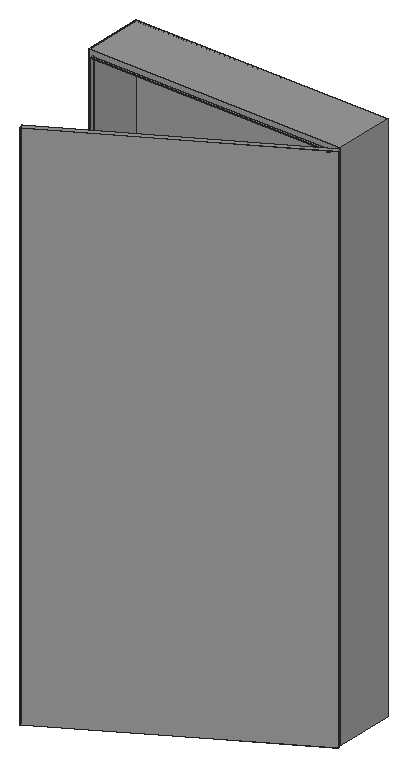
Revit family "Hager-Univers-IP44-D205-H1700-Cl.II-Encl-NoHosted-CH-fr", category Electrical Equipment, Revit 2020
Family settings
  Panel Configuration = Two Columns, Circuits Across
  Round Connector Dimension = Use Diameter
  Part Type = Panelboard
  Work Plane-Based = Yes
  Always vertical = Yes
  Cut with Voids When Loaded = No
  Shared = No
  Room Calculation Point = No
Parameters (values of type "saillie IP44 L800 H1700 P205  - FP13SN2")
  Width Control [instance] = if([EF000008 - largeur] > Min Width, [EF000008 - largeur], Min Width)  # 800 mm
  Type Comments = [HG000003 - Gamme]  # "Univers"
  Thickness Door [instance] = if([EF009171 - épaisseur de matériau de la porte/du couvercle] > 3 mm, 3 mm, [EF009171 - épaisseur de matériau de la porte/du couvercle])  # 1 mm
  Seal Frame Offset [instance] = 17 mm  # constant formula
  Plinth Visibility [instance] = [HG000027 - Hauteur du socle] > 0 mm  # no
  Min Width [instance] = 100 mm  # constant formula
  Min Depth [instance] = (2 * [EF009170 - épaisseur de matériau du boîtier]) + 1 mm  # 3 mm
  Min Height [instance] = 100 mm  # constant formula
  Internal Frame Depth [instance] = (Door System Depth * 0.5)  # 9 mm
  Panel Name [instance] = ""  # (empty or 0)
  Model = ""
  HG000027 - Hauteur du socle = 0 mm
  HG000026 - Installation au sol = no
  HG000024 - Hauteur de la section basse = 600 mm
  HG000023 - Armoire double section = no
  HG000016 - Visibilité de la porte 3D [instance] = yes
  HG000015 - Visibilité de l'emprise de la porte [instance] = no
  HG000014 - Porte à droite [instance] = yes
  HG000013 - Porte à gauche [instance] = not([HG000014 - Porte à droite])  # no
  HG000012 - Angle de pivotement de la porte [instance] = 30.00°
  HG000010 - Portes asymétriques = no
  HG000009 - Porte à double battant = no
  HG000006 - Encastré = no
  HG000004 - Référence fabricant = "FP13SN2"
  HG000003 - Gamme = "Univers"
  HG000002 - avec porte = yes
  Frame Offset Bottom [instance] = 10 mm  # constant formula
  Frame Offset [instance] = 15 mm  # constant formula
  EF015940 - couvercle avec décharge de pression = no
  EF011959 - degré de protection (NEMA) = ""
  EF009554 - nombre d'ouvertures pour plaques à bride = 6
  EF009212 - finition du couvercle = "EV000116 - fermé"
  EF009171 - épaisseur de matériau de la porte/du couvercle = 1 mm
  EF009170 - épaisseur de matériau du boîtier = 1 mm
  EF008873 - courant nominal (In) = 400 A
  EF007800 - adapté à un parafoudre = no
  EF006306 - avec serrure = no
  EF006244 - couvercle/porte transparent(e) = no
  EF005474 - indice de protection (IP) = "EV006418 - IP44"
  EF004464 - type de porte = "EV002646 - unique"
  EF004427 - nombre de modules = 396
  EF004293 - indice de protection contre les chocs (IK) = "EV006815 - IK09"
  EF003532 - convient pour utilisation à l’extérieur = no
  EF002950 - largeur en nombre de modules = 36
  EF001613 - maintien de fonction = "EV000494 - sans"
  EF001596 - matériau du boîtier/corps = "EV000179 - acier"
  EF001131 - profondeur intérieure = 143 mm
  EF001088 - possibilité de montage en saillie = yes
  EF000437 - nombre d'entrées de conduit = 6
  EF000339 - type de capot = "EV001012 - couvercle"
  EF000266 - nombre de rangées = 11
  EF000218 - profondeur d'encastrement = 205 mm
  EF000118 - avec cadre/support de montage = no
  EF000116 - numéro RAL = "9010"
  EF000049 - profondeur = 205 mm
  EF000040 - hauteur = 1700 mm
  EF000008 - largeur = 800 mm
  EF000007 - couleur = "EV000202 - blanc"
  EF000003 - mode de pose = "EV000384 - saillie"
  Door System Leaf Tolerance [instance] = 1.5 mm  # constant formula
  Door System Depth [instance] = 18 mm  # constant formula
  Door Height [instance] = Height Control - [HG000027 - Hauteur du socle]  # 1700 mm
  Description = ""
  Default Elevation = 1219.2 mm
  Connector Offset [instance] = Height Control / 2  # 850 mm
  Manufacturer = "Hager"  # constant formula
  Height Control [instance] = if([EF000040 - hauteur] > Min Height, [EF000040 - hauteur], Min Height)  # 1700 mm
  Depth Control [instance] = if([EF000049 - profondeur] > Min Depth, [EF000049 - profondeur], Min Depth)  # 205 mm
  Bottom Top Plate Trim [instance] = 1.5 mm  # constant formula
  Plinth height Ctrl [instance] = if([HG000027 - Hauteur du socle] > 0 mm, [HG000027 - Hauteur du socle], 12 mm)  # 12 mm
Types (5, lengths in mm): name | Width Control | HG000010 - Portes asymétriques | HG000009 - Porte à double battant | HG000004 - Référence fabricant | EF009554 - nombre d'ouvertures pour plaques à bride | EF008873 - courant nominal (In) | EF004464 - type de porte | EF004427 - nombre de modules | EF002950 - largeur en nombre de modules | EF000437 - nombre d'entrées de conduit | EF000008 - largeur
  saillie IP44 L1050 H1700 P205  - FP14SN2 | 1050 | no | yes | "FP14SN2" | 8 | 400 A | "EV003602 - double" | 528 | 48 | 8 | 1050
  saillie IP44 L1300 H1700 P205  - FP15SN2 | 1300 | yes | yes | "FP15SN2" | 10 | 400 A | "EV003602 - double" | 660 | 60 | 10 | 1300
  saillie IP44 L300 H1700 P205  - FP11SN2 | 300 | no | no | "FP11SN2" | 2 | 250 A | "EV002646 - unique" | 132 | 12 | 2 | 300
  saillie IP44 L550 H1700 P205  - FP12SN2 | 550 | no | no | "FP12SN2" | 4 | 250 A | "EV002646 - unique" | 264 | 24 | 4 | 550
  saillie IP44 L800 H1700 P205  - FP13SN2 | 800 | no | no | "FP13SN2" | 6 | 400 A | "EV002646 - unique" | 396 | 36 | 6 | 800
Reference planes
  plane 1 "Center (Front/Back)": y = 0
  plane 2: z = 0
  plane 3 "Center (Left/Right)": x = 0
  plane 4: y = 0
  plane 5: y = 0
  plane 6: z = 0
  plane 7: x = -400
  plane 8: x = 400
  plane 9: x = 399
  plane 10: x = -399
  plane 11: z = 0
  plane 12: z = 1
  plane 13: y = -205
  plane 14: y = -1
  plane 15: x = 0
  plane 16: y = -187
  plane 17: y = -204
  plane 18: y = -186
  plane 19: x = -384
  plane 20: x = 384
  plane 21: z = 11
  plane 22: x = -383
  plane 23: x = 383
  plane 24: z = 0
  plane 25: z = 1700
  plane 26: z = 1700
  plane 27: z = 1684
  plane 28: z = 1699
Forms (mm)
  Extrusion 1, solid, material "Hager_Steel_RAL7035_Light_Grey", detail levels medium+fine
    sketch origin (-208.679, -4572, 0) x (-1, 0, 0) y (0, -1, 0)
      loop
        line (191.321, -4385) -> (-608.679, -4385) -> (-608.679, -4572) -> (191.321, -4572) -> (191.321, -4385)
    from 0 to 1700
  Extrusion 2, void
    sketch origin (-350.771, -205, 1219.2) x (1, 0, 0) y (0, 0, 1)
      loop
        line (-48.229, 479.8) -> (-48.229, -1218.2) -> (749.771, -1218.2) -> (749.771, 479.8) -> (-48.229, 479.8)
    from -19 to -204
  Extrusion 3, void
    sketch origin (-290.084, -187, 1219.2) x (1, 0, 0) y (0, 0, 1)
      loop
        line (-93.916, -1208.2) -> (674.084, -1208.2) -> (674.084, 464.8) -> (-93.916, 464.8) -> (-93.916, -1208.2)
    from 0 to -1
  Extrusion 4, solid, material "Hager_Steel_RAL7035_Light_Grey", visible <- "Plinth Visibility", detail levels medium+fine
    sketch origin (0, 0, 0) x (1, 0, 0) y (0, 1, 0)
      loop
        line (-400, 0) -> (-400, -187) -> (400, -187) -> (400, 0) -> (-400, 0)
    from 0 to 12 <- "Plinth height Ctrl"
  Extrusion 5, solid, material "Hager_Steel_RAL7035_Light_Grey", detail levels coarse
    sketch origin (0, 0, 0) x (1, 0, 0) y (0, 1, 0)
      loop
        line (-400, 0) -> (-400, -205) -> (400, -205) -> (400, 0) -> (-400, 0)
    from 0 to 1700 <- "Height Control"
  Sweep 6, void
    path in 3D
      loop
        line (-400, -187, 12) -> (400, -187, 12) -> (400, 0, 12) -> (-400, 0, 12) -> (-400, -187, 12)
    profile origin (-400, -93.5, 12) x (1, 0, 0) y (0, 0, 1)
      loop
        line (0, 0) -> (0, -1.5) -> (1.5, -1.5)
        arc (1.5, -1.5) -> (1.061, -0.439) -> (0, 0) r 1.5
  Extrusion 7, solid, material "Hager_Steel_RAL7035_Light_Grey", detail levels fine
    sketch origin (-400, -187, 0) x (1, 0, 0) y (0, 0, 1)
      loop
        line (16, 11) -> (784, 11) -> (784, 1684) -> (16, 1684) -> (16, 11)
      loop
        line (15, 10) -> (785, 10) -> (785, 1685) -> (15, 1685) -> (15, 10)
    from 0 to 9 <- "Internal Frame Depth"
Cuts and joins
  Extrusion 2, Extrusion 3 cuts Extrusion 1
  Sweep 6 cuts Extrusion 4
Lines and regions (mm)
  Masking region 1
    outline origin (0, 0, 0) x (1, 0, 0) y (0, 1, 0)
      loop
        line (-400, 0) -> (-400, -205) -> (400, -205) -> (400, 0) -> (-400, 0)
  Masking region 2, detail levels coarse
    outline origin (-290.084, -187, 1219.2) x (-1, 0, 0) y (0, 0, 1)
      loop
        line (-690.084, -1219.2) -> (109.916, -1219.2) -> (109.916, 480.8) -> (-690.084, 480.8) -> (-690.084, -1219.2)
  Masking region 3, detail levels coarse
    outline origin (0, 0, 0) x (0, 1, 0) y (0, 0, 1)
      loop
        line (0, 0) -> (0, 1700) -> (-205, 1700) -> (-205, 0) -> (0, 0)
  Masking region 4, visible <- "Plinth Visibility", detail levels medium+fine
    outline origin (0, 0, 0) x (0, 1, 0) y (0, 0, 1)
      loop
        line (-1.5, 12) -> (-185.5, 12)
        arc (-185.5, 12) -> (-185.939, 10.939) -> (-187, 10.5) r 1.5
        line (-187, 10.5) -> (-187, 0) -> (0, 0) -> (0, 10.5)
        arc (0, 10.5) -> (-1.061, 10.939) -> (-1.5, 12) r 1.5
  Masking region 5, detail levels medium+fine
    outline origin (0, 0, 594.038) x (0, 1, 0) y (0, 0, 1)
      loop
        line (0, -594.038) -> (0, 1105.962) -> (-187, 1105.962) -> (-187, -594.038) -> (0, -594.038)
  Masking region 6, detail levels medium+fine
    outline origin (-359.7, -187, 1211.883) x (-1, 0, 0) y (0, 0, 1)
      loop
        line (-759.7, -1211.883) -> (40.3, -1211.883) -> (40.3, 488.117) -> (-759.7, 488.117) -> (-759.7, -1211.883)
  Masking region 7, visible <- "Plinth Visibility", detail levels medium+fine
    outline origin (-320.334, -187, 1041.368) x (-1, 0, 0) y (0, 0, 1)
      loop
        line (-720.334, -1041.368) -> (79.666, -1041.368) -> (79.666, -1030.868)
        arc (79.666, -1030.868) -> (78.606, -1030.429) -> (78.166, -1029.368) r 1.5
        line (78.166, -1029.368) -> (-718.834, -1029.368)
        arc (-718.834, -1029.368) -> (-719.273, -1030.429) -> (-720.334, -1030.868) r 1.5
        line (-720.334, -1030.868) -> (-720.334, -1041.368)
  sketch lines
    curve 1: line (-400, 0, 12) -> (-400, -187, 12)
    curve 2: line (-400, -187, 12) -> (400, -187, 12)
    curve 3: line (400, 0, 12) -> (-400, 0, 12)
    curve 4: line (400, -187, 12) -> (400, 0, 12)
Dimensions and locks
  locked: plane 1 "Center (Front/Back)" to plane 5
  "EF009170 - épaisseur de matériau du boîtier": plane 7 to plane 10
  "EF009170 - épaisseur de matériau du boîtier": plane 8 to plane 9
  equal spacing: plane 7, plane 3 "Center (Left/Right)", plane 8
  "Width Control": plane 7 to plane 8
  "Depth Control": plane 4 to plane 13
  "EF009170 - épaisseur de matériau du boîtier": plane 4 to plane 14
  "Height Control": plane 25 to level
  "HG000027 - Hauteur du socle": plane 11 to level
  "EF009170 - épaisseur de matériau du boîtier": plane 12 to plane 11
  "EF009170 - épaisseur de matériau du boîtier": plane 17 to plane 13
  "EF009170 - épaisseur de matériau du boîtier": plane 18 to plane 16
  "Frame Offset Bottom": plane 21 to plane 12
  "Frame Offset": plane 10 to plane 19
  "Frame Offset": plane 9 to plane 20
  "Door System Depth": plane 16 to plane 13
  "Seal Frame Offset": plane 7 to plane 22
  "Seal Frame Offset": plane 8 to plane 23
  "EF009170 - épaisseur de matériau du boîtier": plane 26 to plane 28
  "Frame Offset": plane 28 to plane 27
  "Connector Offset": plane 2 to connector elem
  "Bottom Top Plate Trim": profile plane to Sweep 6 sketch curve
  "Bottom Top Plate Trim": Sweep 6 sketch curve to Sweep 6 sketch curve
  "Plinth height Ctrl": Masking region 4 sketch curve to level
  "Plinth height Ctrl": Masking region 7 sketch curve to level
  "Thickness Door": Extrusion 7 sketch curve to Extrusion 7 sketch curve  (x4)
  "Bottom Top Plate Trim": radius of Sweep 6 sketch curve
  "Bottom Top Plate Trim": radius of Masking region 4 sketch curve  (x2)
  "Bottom Top Plate Trim": radius of Masking region 7 sketch curve  (x2)
  aligned and locked: Extrusion 2 sketch curve to plane 12
  aligned and locked: Extrusion 2 sketch curve to plane 9
  aligned and locked: Extrusion 2 sketch curve to plane 10
  aligned and locked: Extrusion 2 to plane 14
  aligned and locked: Extrusion 1 sketch curve to plane 4
  aligned and locked: plane 8 to Extrusion 1 sketch curve
  aligned and locked: plane 7 to Extrusion 1 sketch curve
  aligned and locked: Extrusion 2 to plane 18
  aligned and locked: Extrusion 3 sketch curve to plane 19
  aligned and locked: plane 20 to Extrusion 3 sketch curve
  aligned and locked: Extrusion 3 to Extrusion 2
  aligned and locked: Extrusion 3 sketch curve to plane 21
  aligned and locked: plane 3 "Center (Left/Right)" to nested 1
  aligned and locked: Extrusion 1 sketch curve to plane 16
  aligned and locked: Extrusion 4 sketch curve to cut or joined group of Extrusion 1, Extrusion 2, Extrusion 3
  aligned and locked: Masking region 1 sketch curve to plane 7
  aligned and locked: Masking region 1 sketch curve to plane 5
  aligned and locked: Masking region 1 sketch curve to plane 8
  aligned and locked: Masking region 2 sketch curve to level
  aligned and locked: level to Masking region 3 sketch curve
  aligned and locked: plane 1 "Center (Front/Back)" to Masking region 3 sketch curve
  aligned and locked: plane 13 to Masking region 3 sketch curve
  aligned and locked: plane 5 to Masking region 4 sketch curve
  aligned and locked: Masking region 2 sketch curve to plane 8
  aligned and locked: Masking region 2 sketch curve to plane 7
  aligned and locked: plane 7 to nested 2
  aligned and locked: nested 2 to plane 5
  aligned and locked: plane 5 to Masking region 5 sketch curve
  aligned and locked: plane 26 to Masking region 5 sketch curve
  aligned and locked: Extrusion 5 sketch curve to plane 8
  aligned and locked: Extrusion 5 sketch curve to plane 7
  aligned and locked: Extrusion 5 sketch curve to plane 5
  aligned and locked: Extrusion 3 sketch curve to plane 27
  aligned and locked: Extrusion 2 sketch curve to plane 28
  aligned and locked: Masking region 2 to plane 25
  aligned and locked: Extrusion 4 to plane 16
  aligned and locked: profile plane to Sweep 6 sketch curve
  aligned and locked: Masking region 5 sketch curve to plane 24
  aligned and locked: level to Masking region 4 sketch curve
  aligned and locked: Masking region 1 to plane 13
  aligned and locked: nested 1 to plane 16
  aligned and locked: Masking region 3 to plane 25
  aligned and locked: plane 16 to Masking region 4 sketch curve
  aligned and locked: Masking region 5 sketch curve to plane 16
  aligned and locked: plane 24 to plane 11
  aligned and locked: plane 26 to plane 25
  aligned and locked: plane 26 to cut or joined group of Extrusion 1, Extrusion 2, Extrusion 3
  aligned and locked: nested 1 to plane 24
  aligned and locked: Extrusion 1 to Extrusion 3
  aligned and locked: Masking region 6 sketch curve to plane 8
  aligned and locked: Masking region 6 sketch curve to plane 24
  aligned and locked: Masking region 6 sketch curve to plane 7
  aligned and locked: Masking region 6 sketch curve to plane 26
  aligned and locked: Masking region 7 sketch curve to plane 7
  aligned and locked: level to Masking region 7 sketch curve
  aligned and locked: Masking region 7 sketch curve to plane 8
  aligned and locked: Extrusion 7 sketch curve to cut or joined group of Extrusion 1, Extrusion 2, Extrusion 3  (x4)
Automatic sketch dimensions
  plane 19 to Extrusion 3 sketch curve = 0 mm
  Extrusion 3 sketch curve to plane 20 = 0 mm
  Extrusion 3 sketch curve to plane 21 = 0 mm
  Extrusion 4 sketch curve to plane 7 = 0 mm
  Extrusion 4 sketch curve to plane 8 = 0 mm
  Extrusion 4 sketch curve to plane 16 = 0 mm
  Masking region 1 sketch curve to plane 13 = 0 mm
  Masking region 2 sketch curve to plane 25 = 0 mm
  Masking region 3 sketch curve to plane 25 = 0 mm
  Extrusion 5 sketch curve to plane 13 = 0 mm
  profile plane to Sweep 6 sketch curve = 0 mm
Nested families
  nested 1: "EC000058_Univers_Door" at (0, -187, 0), Double <- "HG000009 - Porte à double battant", Transparent <- "EF006244 - couvercle/porte transparent(e)", Angle <- "HG000012 - Angle de pivotement de la porte", Door_Right <- "HG000014 - Porte à droite", Assymetrical <- "HG000010 - Portes asymétriques", Door <- "HG000002 - avec porte", Width_Ctrl <- "Width Control", 3d_Door <- "HG000016 - Visibilité de la porte 3D", Clearance <- "HG000015 - Visibilité de l'emprise de la porte", Door_Left <- "HG000013 - Porte à gauche", Width <- "Width Control", Door_Depth <- "Door System Depth", Leaf_Tolerance <- "Door System Leaf Tolerance", Height <- "Door Height", Lock_Visibility <- "EF006306 - avec serrure", Thickness <- "Thickness Door", type "EC000058_Univers_Door", detail levels medium+fine
    with min_wh 3 mm, Width_Ctrl 800 mm, Width 800 mm, Transparent no, Thickness 1 mm, Seal_Material Hager_Rubber, Lock_Visibility no, Lock_Material Hager_Plastic_RAL9005_Jet_Black, Leaf_Width 800 mm, Leaf_Tolerance_External_Sides 0 mm, Leaf_Tolerance 1.5 mm, Leaf_Offset 0 mm, Leaf_Height 1697 mm, Leaf_2_Width 800 mm, Leaf_2_Offset 400 mm, Leaf_1_Width 800 mm, Leaf_1_Offset 400 mm, Height_Ctrl 1700 mm, Height 1700 mm, Glass_Material Hager_Glass, Double_Clearance_Ctrl no, Double no, Door_Right_Ctrl yes, Door_Right yes, Door_Material Hager_Steel_RAL7035_Light_Grey, Door_Left_Ctrl no, Door_Left no, Door_Depth 18 mm, Door yes, Clearance_Material Hager_Clearance, Clearance_Depth 800 mm, Clearance_Ctrl no, Clearance no, Assymetrical no, Angle 30.00°, 3d_Door yes
  nested 2: "Hager_Enclosure_Symbol" at (-400, 0, 0), Height <- "Depth Control", Width <- "Width Control", type "Hager_Enclosure_Symbol"
    with Width_Ctrl 800 mm, Width 800 mm, Height_Ctrl 205 mm, Height 205 mm, A_Width_Int 13.453 mm, A_Width 161.438 mm, A_Height_Ctrl 179.375 mm, A_Height 179.375 mm
Connectors
  electrical at (0, 0, 850)
    settings: on plane 1 "Center (Front/Back)", index 1, voltage 0 V, apparent load 0 VA, apparent load phase1 0 VA, apparent load phase2 0 VA, apparent load phase3 0 VA, power factor 1, load classification "Other", number of poles 1, system type 30, power factor state 1, is connector primary yes, connector utility no, sub classification motor no, connector description ""
Definition of nested family "EC000058_Univers_Door"
  Parameters (values of type "EC000058_Univers_Door")
    min_wh [instance] = (2 * Thickness) + 1 mm  # 11 mm
    Width_Ctrl [instance] = 400 mm
    Width [instance] = 500 mm
    Transparent [instance] = yes
    Thickness [instance] = 5 mm
    Seal_Material [instance] = none
    Lock_Visibility [instance] = yes
    Lock_Material [instance] = none
    Leaf_Width [instance] = if((Width_Ctrl - 2 * Leaf_Tolerance_External_Sides) > 0 mm, (Width_Ctrl - 2 * Leaf_Tolerance_External_Sides), min_wh)  # 400 mm
    Leaf_Tolerance_External_Sides [instance] = 0 mm  # constant formula
    Leaf_Tolerance [instance] = 1.5 mm
    Leaf_Offset [instance] = 0 mm  # constant formula
    Leaf_Height [instance] = if((Height_Ctrl - 2 * Leaf_Tolerance) > 0 mm, (Height_Ctrl - 2 * Leaf_Tolerance), min_wh)  # 497 mm
    Leaf_2_Width [instance] = if(and(and(Double, Assymetrical), Door_Left), (Leaf_Width / 3) - (Leaf_Tolerance / 2), if(and(and(Double, Assymetrical), Door_Right), (Leaf_Width / 3) * 2 - (Leaf_Tolerance / 2), if(and(Double, not(Assymetrical)), (Leaf_Width / 2) - Leaf_Tolerance, Leaf_Width)))  # 400 mm
    Leaf_2_Offset [instance] = if(and(Double, Assymetrical), Leaf_2_Width / 2, if(and(Double, not(Assymetrical)), Leaf_Width / 4, Leaf_Width / 2))  # 200 mm
    Leaf_1_Width [instance] = if(and(and(Double, Assymetrical), Door_Right), (Leaf_Width / 3) - (Leaf_Tolerance / 2), if(and(and(Double, Assymetrical), Door_Left), (Width / 3) * 2 - (Leaf_Tolerance / 2), if(and(Double, not(Assymetrical)), (Leaf_Width / 2) - Leaf_Tolerance, Leaf_Width)))  # 400 mm
    Leaf_1_Offset [instance] = if(and(Double, Assymetrical), Leaf_1_Width / 2, if(and(Double, not(Assymetrical)), Leaf_Width / 4, Leaf_Width / 2))  # 200 mm
    Height_Ctrl [instance] = if(Height > min_wh, Height, min_wh)  # 500 mm
    Height [instance] = 500 mm
    Glass_Material [instance] = none
    Double_Clearance_Ctrl [instance] = and(Double, Clearance)  # no
    Double [instance] = no
    Door_Right_Ctrl [instance] = and(or(Door_Right, Double), Door)  # yes
    Door_Right [instance] = yes
    Door_Material [instance] = none
    Door_Left_Ctrl [instance] = and(or(Door_Left, Double), Door)  # no
    Door_Left [instance] = no
    Door_Depth [instance] = 30 mm
    Door [instance] = yes
    Default Elevation = 1219.2 mm
    Clearance_Material [instance] = none
    Clearance_Depth [instance] = if(Leaf_1_Width > Leaf_2_Width, Leaf_1_Width, Leaf_2_Width)  # 400 mm
    Clearance_Ctrl [instance] = and(not(Double), Clearance)  # yes
    Clearance [instance] = yes
    Assymetrical [instance] = yes
    Angle [instance] = 30.00°
    3d_Door [instance] = yes
  Reference planes
    plane 1 "Center (Front/Back)": y = 0
    plane 2 "Bottom": z = 0
    plane 3 "Center (Left/Right)": x = 0
    plane 4: z = 500
    plane 5: x = -200
    plane 6: x = 200
    plane 7: z = 500
    plane 8: x = -200
    plane 9: z = 0
    plane 10: x = 200
    plane 11: y = 0
    plane 12: z = 1.5
    plane 13: x = -600
    plane 14: y = -400
    plane 15: x = 600
    plane 16: x = 0
    plane 17: x = 0
    plane 18: x = -200
    plane 19: x = 200
    plane 20: z = 498.5
  Forms (mm)
    Extrusion 1, solid, material <- "Clearance_Material", visible <- "Double_Clearance_Ctrl"
      sketch origin (1200, 0, 0) x (1, 0, 0) y (0, 0, -1)
        loop
          line (-1800, -498.5) -> (-600, -498.5) -> (-600, 0) -> (-1800, 0) -> (-1800, -498.5)
      from 0 to -400
  Dimensions and locks
    equal spacing: plane 5, plane 3 "Center (Left/Right)", plane 6
    "Width_Ctrl": plane 5 to plane 6
    "Leaf_Offset": plane 5 to plane 8
    "Leaf_Offset": plane 6 to plane 10
    "Leaf_Offset": plane 9 to level
    "Leaf_Offset": plane 4 to plane 7
    "Height_Ctrl": plane 4 to level
    "Leaf_Tolerance": plane 12 to plane 9
    locked: plane 11 to plane 1 "Center (Front/Back)"
    "Leaf_1_Offset": plane 18 to plane 16
    "Leaf_2_Offset": plane 17 to plane 19
    "Leaf_1_Width": plane 13 to plane 8
    "Leaf_2_Width": plane 10 to plane 15
    "Clearance_Depth": plane 14 to plane 1 "Center (Front/Back)"
    "Leaf_Tolerance_External_Sides": plane 8 to plane 18
    "Leaf_Tolerance_External_Sides": plane 19 to plane 10
    "Leaf_Tolerance": plane 7 to plane 20
    aligned and locked: level to plane 2 "Bottom"
    aligned and locked: nested 1 to plane 16
    aligned and locked: nested 2 to plane 17
    aligned and locked: Extrusion 1 to plane 13
    aligned and locked: plane 15 to Extrusion 1
    aligned and locked: Extrusion 1 to plane 14
    aligned and locked: plane 12 to nested 1
    aligned and locked: nested 2 to plane 12
    aligned and locked: Extrusion 1 to plane 11
    aligned and locked: plane 20 to Extrusion 1
    aligned and locked: nested 2 to plane 11
    aligned and locked: nested 1 to plane 11
  Automatic sketch dimensions
    Extrusion 1 sketch curve to level = 0 mm
    plane 5 to Extrusion 1 sketch curve = 400 mm
    plane 6 to Extrusion 1 sketch curve = 400 mm
    Extrusion 1 sketch curve to plane 4 = 1.5 mm
  Nested families
    nested 1: "EC000058_Univers_Door_Leaf" at (0, 0, 1.5), Width <- "Leaf_1_Width", visible <- "Door_Left_Ctrl", Leaf_Height <- "Leaf_Height", Angle <- "Angle", 3d_Door <- "3d_Door", Transparent <- "Transparent", Clearance Material <- "Clearance_Material", Clearance <- "Clearance_Ctrl", Door_Material <- "Door_Material", Glass_Material <- "Glass_Material", Door_Depth <- "Door_Depth", Lock_Material <- "Lock_Material", Seal_Material <- "Seal_Material", Lock_Visibility <- "Lock_Visibility", Thickness <- "Thickness", type "EC000058_Univers_Door_Leaf"
      with Width 400 mm, Transparent_Glass_Offset 30 mm, Transparent_Ctrl yes, Transparent yes, Thickness 5 mm, Standard no, Seal_Material none, Seal_D2 8 mm, Seal_D1 1 mm, Offset_Internal_Frame 10 mm, Lock_Width 20 mm, Lock_Visibility_3d yes, Lock_Visibility yes, Lock_Thickness_3 3 mm, Lock_Thickness_2 1 mm, Lock_Thickness_1 3 mm, Lock_Radius_Offset_2 16 mm, Lock_Radius_Offset_1 15 mm, Lock_Radius_2 5 mm, Lock_Radius 6 mm, Lock_Offset 5 mm, Lock_Material none, Lock_Height 80 mm, Lock_Cover_Top_Offset_2d 17 mm, Lock_Cover_Height -65 mm, Leaf_Height 497 mm, Internal_Seal_Thickness 8 mm, Internal_Seal_Depth_2 4.5 mm, Internal_Frame_Depth 25 mm, Glass_Thickness -1 mm, Glass_Offset -2 mm, Glass_Material none, Door_Material none, Door_Depth 30 mm, Clearance Material none, Clearance yes, Angle_Ctrl 30.00°, Angle 30.00°, 3d_Door yes
    nested 2: "EC000058_Univers_Door_Leaf" at (0, 0, 1.5) x (-1, 0, 0) z (0, 0, 1), Width <- "Leaf_2_Width", visible <- "Door_Right_Ctrl", Leaf_Height <- "Leaf_Height", Angle <- "Angle", 3d_Door <- "3d_Door", Transparent <- "Transparent", Clearance Material <- "Clearance_Material", Clearance <- "Clearance_Ctrl", Door_Material <- "Door_Material", Glass_Material <- "Glass_Material", Door_Depth <- "Door_Depth", Lock_Material <- "Lock_Material", Seal_Material <- "Seal_Material", Lock_Visibility <- "Lock_Visibility", Thickness <- "Thickness", type "EC000058_Univers_Door_Leaf"
      with Width 400 mm, Transparent_Glass_Offset 30 mm, Transparent_Ctrl yes, Transparent yes, Thickness 5 mm, Standard no, Seal_Material none, Seal_D2 8 mm, Seal_D1 1 mm, Offset_Internal_Frame 10 mm, Lock_Width 20 mm, Lock_Visibility_3d yes, Lock_Visibility yes, Lock_Thickness_3 3 mm, Lock_Thickness_2 1 mm, Lock_Thickness_1 3 mm, Lock_Radius_Offset_2 16 mm, Lock_Radius_Offset_1 15 mm, Lock_Radius_2 5 mm, Lock_Radius 6 mm, Lock_Offset 5 mm, Lock_Material none, Lock_Height 80 mm, Lock_Cover_Top_Offset_2d 17 mm, Lock_Cover_Height -65 mm, Leaf_Height 497 mm, Internal_Seal_Thickness 8 mm, Internal_Seal_Depth_2 4.5 mm, Internal_Frame_Depth 25 mm, Glass_Thickness -1 mm, Glass_Offset -2 mm, Glass_Material none, Door_Material none, Door_Depth 30 mm, Clearance Material none, Clearance yes, Angle_Ctrl 30.00°, Angle 30.00°, 3d_Door yes
  Definition of nested family "EC000058_Univers_Door_Leaf"
    Parameters (values of type "EC000058_Univers_Door_Leaf")
      Width [instance] = 2000 mm
      Transparent_Glass_Offset [instance] = 30 mm
      Transparent_Ctrl [instance] = and(Transparent, [3d_Door])  # yes
      Transparent [instance] = yes
      Thickness [instance] = 5 mm
      Standard [instance] = and(not(Transparent), [3d_Door])  # no
      Seal_Material [instance] = none
      Seal_D2 [instance] = 8 mm  # constant formula
      Seal_D1 [instance] = 1 mm  # constant formula
      Offset_Internal_Frame [instance] = 10 mm  # constant formula
      Lock_Width [instance] = 20 mm  # constant formula
      Lock_Visibility_3d [instance] = and(Lock_Visibility, [3d_Door])  # yes
      Lock_Visibility [instance] = yes
      Lock_Thickness_3 [instance] = 3 mm  # constant formula
      Lock_Thickness_2 [instance] = 1 mm  # constant formula
      Lock_Thickness_1 [instance] = 3 mm  # constant formula
      Lock_Radius_Offset_2 [instance] = Lock_Radius_Offset_1 + 1 mm  # 16 mm
      Lock_Radius_Offset_1 [instance] = 15 mm  # constant formula
      Lock_Radius_2 [instance] = Lock_Radius - 1 mm  # 5 mm
      Lock_Radius [instance] = 6 mm  # constant formula
      Lock_Offset [instance] = 5 mm  # constant formula
      Lock_Material [instance] = none
      Lock_Height [instance] = 80 mm  # constant formula
      Lock_Cover_Top_Offset_2d [instance] = Lock_Radius_Offset_2 + 1 mm  # 17 mm
      Lock_Cover_Height [instance] = -(Lock_Height - Lock_Radius_Offset_1)  # -65 mm
      Leaf_Height [instance] = 2720.336 mm
      Internal_Seal_Thickness [instance] = 8 mm  # constant formula
      Internal_Seal_Depth_2 [instance] = 4.5 mm  # constant formula
      Internal_Frame_Depth [instance] = if(Door_Depth - Thickness > 5 mm, Door_Depth - Thickness, 5 mm)  # 25 mm
      Glass_Thickness [instance] = if(Thickness > 15 mm, Glass_Offset + 10 mm, -1 mm)  # -1 mm
      Glass_Offset [instance] = if(Thickness > 15 mm, -(Thickness + 10 mm) / 2, -2 mm)  # -2 mm
      Glass_Material [instance] = none
      Door_Material [instance] = none
      Door_Depth [instance] = 30 mm
      Default Elevation = 0 mm
      Clearance Material [instance] = none
      Clearance [instance] = yes
      Angle_Ctrl [instance] = if(Angle > 180.00°, 180.00°, Angle)  # 90.00°
      Angle [instance] = 90.00°
      3d_Door [instance] = yes
    Reference planes
      plane 1 "Center (Front/Back)": y = 0
      plane 2: z = 0
      plane 3 "Center (Left/Right)": x = 0
      plane 4: y = 2000
      plane 5: x = -1000
      plane 6: x = 1000
      plane 7: x = -3000
      plane 8: z = 2720.336
      plane 9: z = 30
      plane 10: z = 2690.336
      plane 11: x = 970
      plane 12: x = -970
      plane 13: y = -3
      plane 14: z = 107.833
      plane 15: y = -5
      plane 16: y = -223.314
      plane 17: x = -1000
      plane 18: z = 1360.168
      plane 19: y = 30
    Forms (mm)
      Extrusion 1, solid, material <- "Clearance Material", visible <- "Clearance"
        sketch origin (0, 0, 0) x (1, 0, 0) y (0, 0, 1)
          loop
            line (-3000, 2720.336) -> (-3000, 0) -> (1000, 0) -> (1000, 2720.336) -> (-3000, 2720.336)
        from 0 to -2000
      Extrusion 2, solid, material <- "Door_Material", visible <- "Standard", detail levels medium+fine
        sketch origin (-1000, 0, 0) x (0, 1, 0) y (-1, 0, 0)
          loop
            line (0, 30) -> (0, 25) -> (2000, 25) -> (2000, 30) -> (0, 30)
        from 0 to 2720.336 <- "Leaf_Height"
      Extrusion 3, solid, material <- "Door_Material", visible <- "Transparent_Ctrl", detail levels medium+fine
        sketch origin (-1000, 0, 0) x (0, 1, 0) y (-1, 0, 0)
          loop
            line (0, 25) -> (2000, 25) -> (2000, 30) -> (0, 30) -> (0, 25)
        from 0 to 2720.336 <- "Leaf_Height"
      Extrusion 4, void
        sketch origin (-1025, 2000, 0) x (0, 1, 0) y (0, 0, -1)
          loop
            line (-30, -2690.336) -> (-30, -30) -> (-1970, -30) -> (-1970, -2690.336) -> (-30, -2690.336)
        from 0 to 5 <- "Thickness"
      Sweep 5, solid, material <- "Seal_Material", visible <- "Transparent_Ctrl", detail levels fine
        path in 3D
          loop
            line (-1025, 30, 30) -> (-1025, 30, 2690.336) -> (-1025, 1970, 2690.336) -> (-1025, 1970, 30) -> (-1025, 30, 30)
        profile origin (-1025, 1000, 30) x (1, 0, 0) y (0, 0, 1)
          loop
            line (0, 0) -> (0, -8) -> (1, -8) -> (1, 0) -> (0, 0)
      Extrusion 6, solid, material <- "Glass_Material", visible <- "Transparent_Ctrl", detail levels medium+fine
        sketch origin (-1030, 0, 0) x (0, 1, 0) y (0, 0, -1)
          loop
            line (1970, -2690.336) -> (1970, -30) -> (30, -30) -> (30, -2690.336) -> (1970, -2690.336)
        from -2 <- "Glass_Offset" to -1 <- "Glass_Thickness"
      Extrusion 7, solid, material <- "Door_Material", visible <- "3d_Door", detail levels medium+fine
        sketch origin (-1025, 2000, 0) x (0, -1, 0) y (0, 0, -1)
          loop
            line (0, -2720.336) -> (2000, -2720.336) -> (2000, 0) -> (0, 0) -> (0, -2720.336)
          loop
            line (1995, -5) -> (5, -5) -> (5, -2715.336) -> (1995, -2715.336) -> (1995, -5)
        from 0 to 25 <- "Internal_Frame_Depth"
      Sweep 8, solid, material <- "Seal_Material", visible <- "Transparent_Ctrl", detail levels fine
        path in 3D
          loop
            line (-1025, 0, 0) -> (-1025, 2000, 0) -> (-1025, 2000, 2720.336) -> (-1025, 0, 2720.336) -> (-1025, 0, 0)
        profile origin (-1025, 0, 1360.168) x (1, 0, 0) y (0, 1, 0)
          loop
            line (0, 10) -> (2.975, 10)
            arc (2.975, 10) -> (4.053, 10.447) -> (4.5, 11.525) r 1.525
            line (4.5, 11.525) -> (4.5, 16.527)
            arc (4.5, 16.527) -> (4.069, 17.569) -> (3.027, 18) r 1.473
            line (3.027, 18) -> (0, 18) -> (0, 10)
      Extrusion 9, solid, material <- "Lock_Material", visible <- "Lock_Visibility_3d", detail levels fine
        sketch origin (-1030, 0, 0) x (0, 1, 0) y (0, 0, -1)
          loop
            arc (1993.5, -1400.168) -> (1994.561, -1399.729) -> (1995, -1398.668) r 1.5
            line (1995, -1398.668) -> (1995, -1320.168) -> (1975, -1320.168) -> (1975, -1398.668)
            arc (1975, -1398.668) -> (1975.439, -1399.729) -> (1976.5, -1400.168) r 1.5
            line (1976.5, -1400.168) -> (1993.5, -1400.168)
        from 3 <- "Lock_Thickness_1" to 0
      Blend 10, solid, material <- "Lock_Material", visible <- "Lock_Visibility_3d", detail levels fine
        base sketch origin (-1033, 0, 0) x (0, 1, 0) y (0, 0, -1)
          loop
            line (1975, -1320.168) -> (1975, -1398.668)
            arc (1975, -1398.668) -> (1975.439, -1399.729) -> (1976.5, -1400.168) r 1.5
            line (1976.5, -1400.168) -> (1993.5, -1400.168)
            arc (1993.5, -1400.168) -> (1994.561, -1399.729) -> (1995, -1398.668) r 1.5
            line (1995, -1398.668) -> (1995, -1320.168) -> (1975, -1320.168)
        top sketch origin (-1033, 0, 0) x (0, 1, 0) y (0, 0, -1)
          loop
            line (1976, -1320.168) -> (1976, -1398.668)
            arc (1976, -1398.668) -> (1976.146, -1399.022) -> (1976.5, -1399.168) r 0.5
            line (1976.5, -1399.168) -> (1993.5, -1399.168)
            arc (1993.5, -1399.168) -> (1993.854, -1399.022) -> (1994, -1398.668) r 0.5
            line (1994, -1398.668) -> (1994, -1320.168) -> (1976, -1320.168)
        from 0 to 1 <- "Lock_Thickness_2"
      Blend 11, solid, material <- "Lock_Material", visible <- "Lock_Visibility_3d", detail levels fine
        base sketch origin (-1034, 0, 0) x (0, 1, 0) y (0, 0, -1)
          loop
            line (1978, -1320.168) -> (1978, -1384.168)
            arc (1978, -1384.168) -> (1985, -1391.168) -> (1992, -1384.168) r 7
            line (1992, -1384.168) -> (1992, -1320.168) -> (1978, -1320.168)
        top sketch origin (-1034, 0, 0) x (0, 1, 0) y (0, 0, -1)
          loop
            line (1991, -1320.168) -> (1979, -1320.168) -> (1979, -1383.168)
            arc (1979, -1383.168) -> (1985, -1389.168) -> (1991, -1383.168) r 6
            line (1991, -1383.168) -> (1991, -1320.168)
        from 0 to 3 <- "Lock_Thickness_3"
      Extrusion 12, solid, material <- "Lock_Material", visible <- "Lock_Visibility_3d", detail levels fine
        sketch origin (-1030, 1975, 1320.168) x (1, 0, 0) y (0, -1, 0)
          loop
            line (-7, -19) -> (-7, -1) -> (0, -1) -> (0, 0) -> (-8, 0) -> (-8, -20) -> (0, -20) -> (0, -19) -> (-7, -19)
        from 0 to -65 <- "Lock_Cover_Height"
      Extrusion 13, void
        sketch origin (-1038, 1995, 1320.168) x (-1, 0, 0) y (0, 0, -1)
          loop
            line (-5, -65) -> (0, -65) -> (-5, -60) -> (-5, -65)
        from 0 to 20 <- "Lock_Width"
      Extrusion 14, void
        sketch origin (-1038, 1975, 1320.168) x (0, -1, 0) y (0, 0, -1)
          loop
            circle (-10, -15.995) r 6
          loop
            circle (-10, -15.995) r 5
        from 0 to 2
      Extrusion 15, solid, material <- "Lock_Material", visible <- "Lock_Visibility_3d", detail levels medium
        sketch origin (-1030, 0, 0) x (0, 1, 0) y (0, 0, -1)
          loop
            arc (1993.5, -1400.168) -> (1994.561, -1399.729) -> (1995, -1398.668) r 1.5
            line (1995, -1398.668) -> (1995, -1320.168) -> (1975, -1320.168) -> (1975, -1398.668)
            arc (1975, -1398.668) -> (1975.439, -1399.729) -> (1976.5, -1400.168) r 1.5
            line (1976.5, -1400.168) -> (1993.5, -1400.168)
        from 8 to 0
    Cuts and joins
      Extrusion 4 cuts Extrusion 3
      Extrusion 13, Extrusion 14 cuts Extrusion 9
      Extrusion 14 cuts Blend 11
      Extrusion 13, Extrusion 14 cuts Extrusion 12
      joined: Extrusion 9, Blend 10, Blend 11, Extrusion 12
      Extrusion 14 cuts Extrusion 15
    Lines and regions (mm)
      Masking region 1, visible <- "Lock_Visibility", detail levels fine
        outline origin (0, 0, 0) x (0, 1, 0) y (0, 0, 1)
          loop
            line (30, 1320.168) -> (33, 1320.168) -> (33, 1400.168) -> (30, 1400.168) -> (30, 1320.168)
      Masking region 2, visible <- "Lock_Visibility", detail levels fine
        outline origin (0, 3.143, 0) x (0, 1, 0) y (0, 0, 1)
          loop
            line (29.857, 1354.168) -> (30.857, 1354.168) -> (30.857, 1366.168) -> (29.857, 1366.168) -> (29.857, 1354.168)
      Masking region 3, detail levels medium+fine
        outline origin (0, 0, 0) x (0, 1, 0) y (0, 0, 1)
          loop
            line (0, 0) -> (30, 0) -> (30, 2720.336) -> (0, 2720.336) -> (0, 0)
      Masking region 4, detail levels medium+fine
        outline origin (0, 0, 0) x (1, 0, 0) y (0, 0, 1)
          loop
            line (-1000, 2720.336) -> (-1000, 0) -> (1000, 0) -> (1000, 2720.336) -> (-1000, 2720.336)
      Masking region 5, visible <- "Lock_Visibility", detail levels fine
        outline origin (-47.116, 0, 0) x (1, 0, 0) y (0, 0, 1)
          loop
            arc (1024.616, 1399.168) -> (1023.556, 1398.729) -> (1023.116, 1397.668) r 1.5
            line (1023.116, 1397.668) -> (1023.116, 1320.168) -> (1041.116, 1320.168) -> (1041.116, 1397.668)
            arc (1041.116, 1397.668) -> (1040.677, 1398.729) -> (1039.616, 1399.168) r 1.5
            line (1039.616, 1399.168) -> (1024.616, 1399.168)
      Masking region 6, visible <- "Lock_Visibility", detail levels medium+fine
        outline origin (-25, 0, 0) x (1, 0, 0) y (0, 0, 1)
          loop
            arc (1001.5, 1400.168) -> (1000.439, 1399.729) -> (1000, 1398.668) r 1.5
            line (1000, 1398.668) -> (1000, 1320.168) -> (1020, 1320.168) -> (1020, 1398.668)
            arc (1020, 1398.668) -> (1019.561, 1399.729) -> (1018.5, 1400.168) r 1.5
            line (1018.5, 1400.168) -> (1001.5, 1400.168)
      Masking region 7, visible <- "Lock_Visibility", detail levels fine
        outline origin (-73.735, 0, 0) x (1, 0, 0) y (0, 0, 1)
          loop
            line (1051.735, 1382.168) -> (1065.735, 1382.168) -> (1065.735, 1384.168)
            arc (1065.735, 1384.168) -> (1058.735, 1391.168) -> (1051.735, 1384.168) r 7
            line (1051.735, 1384.168) -> (1051.735, 1382.168)
      Masking region 8, visible <- "Lock_Visibility", detail levels fine
        outline origin (-73.735, 0, 0) x (1, 0, 0) y (0, 0, 1)
          loop
            line (1052.735, 1382.168) -> (1064.735, 1382.168) -> (1064.735, 1383.168)
            arc (1064.735, 1383.168) -> (1058.735, 1389.168) -> (1052.735, 1383.168) r 6
            line (1052.735, 1383.168) -> (1052.735, 1382.168)
      Masking region 9, visible <- "Lock_Visibility", detail levels fine
        outline origin (-25, 0, 0) x (1, 0, 0) y (0, 0, 1)
          loop
            line (1020, 1320.168) -> (1020, 1382.168) -> (1000, 1382.168) -> (1000, 1320.168) -> (1020, 1320.168)
      Masking region 10, detail levels medium+fine
        outline origin (0, 0, 0) x (1, 0, 0) y (0, 0, 1)
          loop
            circle (985, 1335.144) r 6
      Masking region 11, detail levels fine
        outline origin (0, 0, 0) x (1, 0, 0) y (0, 0, 1)
          loop
            circle (985, 1335.144) r 5
      Masking region 12, visible <- "Lock_Visibility", detail levels fine
        outline origin (0, 12.767, 0) x (0, 1, 0) y (0, 0, 1)
          loop
            line (20.233, 1320.168) -> (21.233, 1320.168) -> (21.233, 1399.168) -> (20.233, 1400.168) -> (20.233, 1320.168)
      Masking region 13, visible <- "Lock_Visibility", detail levels fine
        outline origin (0, 13.767, -10) x (0, 1, 0) y (0, 0, 1)
          loop
            line (20.233, 1330.168) -> (23.233, 1330.168) -> (23.233, 1399.168) -> (20.233, 1402.168) -> (20.233, 1330.168)
      Masking region 14, visible <- "Lock_Visibility", detail levels fine
        outline origin (0, 12.767, -10) x (0, 1, 0) y (0, 0, 1)
          loop
            line (20.233, 1330.168) -> (25.233, 1330.168) -> (25.233, 1399.305) -> (20.233, 1394.305) -> (20.233, 1330.168)
      Masking region 15, visible <- "Lock_Visibility", detail levels medium
        outline origin (0, 0, 0) x (0, 1, 0) y (0, 0, 1)
          loop
            line (30, 1320.168) -> (38, 1320.168) -> (38, 1400.168) -> (30, 1400.168) -> (30, 1320.168)
      Masking region 16, visible <- "Lock_Visibility", detail levels fine
        outline origin (-1000, 0, 0) x (0, 1, 0) y (-1, 0, 0)
          loop
            line (1975, 30) -> (1995, 30) -> (1995, 38) -> (1975, 38) -> (1975, 30)
          loop
            line (1979, 37) -> (1976, 37) -> (1976, 34) -> (1978, 34) -> (1979, 37)
          loop
            line (1994, 37) -> (1991, 37) -> (1992, 34) -> (1994, 34) -> (1994, 37)
      Masking region 17, visible <- "Lock_Visibility", detail levels medium
        outline origin (-1000, 0, 0) x (0, 1, 0) y (-1, 0, 0)
          loop
            line (1975, 30) -> (1995, 30) -> (1995, 38) -> (1975, 38) -> (1975, 30)
      symbolic lines
        curve 1: line (1000, 0, 0) -> (-3000, 0, 0)
        curve 2: arc (1000, 0, 0) -> (-1000, 2000, 0) -> (-3000, 0, 0) r 2000
        curve 4: line (-1030, 0, 0) -> (-1030, 2000, 0)
      reference lines
        curve 3: line (-1000, 0, 0) -> (-1000, 2000, 0)
      symbolic lines, detail levels medium+fine
        curve 5: line (-1030, 2000, 0) -> (-1025, 2000, 0)
        curve 7: line (-1025, 0, 0) -> (-1030, 0, 0)
        curve 8: line (-1025, 0, 0) -> (-1000, 0, 0)
        curve 9: line (-1000, 0, 0) -> (-1000, 2000, 0)
        curve 10: line (-1000, 2000, 0) -> (-1025, 2000, 0)
      symbolic lines, detail levels fine
        curve 6: line (-1025, 2000, 0) -> (-1025, 0, 0)
      sketch lines
        curve 11: line (-1025, 0, 2720.336) -> (-1025, 0, 0)
        curve 12: line (-1025, 2000, 0) -> (-1025, 0, 0)
        curve 13: line (-1025, 2000, 2720.336) -> (-1025, 2000, 0)
        curve 14: line (-1025, 0, 2720.336) -> (-1025, 2000, 2720.336)
        curve 15: line (-1025, 1970, 30) -> (-1025, 30, 30)
        curve 16: line (-1025, 30, 30) -> (-1025, 30, 2690.336)
        curve 17: line (-1025, 1970, 2690.336) -> (-1025, 1970, 30)
        curve 18: line (-1025, 30, 2690.336) -> (-1025, 1970, 2690.336)
      symbolic lines, visible <- "Transparent", detail levels medium+fine
        curve 19: line (-970, 0, 2690.336) -> (970, 0, 2690.336)
        curve 20: line (-970, 0, 30) -> (-970, 0, 2690.336)
        curve 21: line (970, 0, 30) -> (-970, 0, 30)
        curve 22: line (970, 0, 2690.336) -> (970, 0, 30)
    Dimensions and locks
      "Width": plane 1 "Center (Front/Back)" to plane 4
      equal spacing: plane 5, plane 3 "Center (Left/Right)", plane 6
      "Width": plane 5 to plane 6
      "Width": plane 7 to plane 5
      "Leaf_Height": plane 8 to level
      "Width": curve 5 to curve 3
      "Width": curve 3 to curve 3
      plane 8 to plane 10 = 30 mm
      plane 9 to level = 30 mm
      plane 12 to plane 5 = 30 mm
      plane 6 to plane 11 = 30 mm
      Extrusion 1 to Extrusion 4 sketch curve = 30 mm
      "Transparent_Glass_Offset": curve 3 to Extrusion 4 sketch curve
      "Transparent_Glass_Offset": Extrusion 4 sketch curve to cut or joined group of Extrusion 3, Extrusion 4  (x2)
      cut or joined group of Extrusion 3, Extrusion 4 to Extrusion 6 sketch curve = 30 mm
      "Transparent_Glass_Offset": cut or joined group of Extrusion 3, Extrusion 4 to Extrusion 4 sketch curve
      "Thickness": curve 6 to curve 4
      "Thickness": Extrusion 7 sketch curve to Extrusion 7 sketch curve  (x4)
      "Door_Depth": curve 4 to curve 3
      "Offset_Internal_Frame": profile plane to Sweep 8 sketch curve
      "Internal_Seal_Thickness": Sweep 8 sketch curve to Sweep 8 sketch curve
      "Internal_Seal_Depth_2": profile plane to Sweep 8 sketch curve
      "Seal_D1": profile plane to Sweep 5 sketch curve
      "Seal_D2": profile plane to Sweep 5 sketch curve
      "Thickness": Extrusion 2 sketch curve to Extrusion 2 sketch curve
      equal spacing: Extrusion 9 sketch curve, plane 18, Extrusion 9 sketch curve  (x2)
      equal spacing: Masking region 1 sketch curve, plane 18, Masking region 1 sketch curve
      "Lock_Height": Masking region 1 sketch curve to Masking region 1 sketch curve
      "Lock_Radius": Masking region 2 sketch curve to plane 18 to Masking region 2 sketch curve
      Masking region 2 sketch curve to Masking region 1 = 1 mm
      "Door_Depth": plane 19 to plane 1 "Center (Front/Back)"
      "Lock_Thickness_1": Masking region 1 sketch curve to plane 19
      "Lock_Width": Extrusion 9 sketch curve to Extrusion 9 sketch curve
      "Lock_Height": Extrusion 9 sketch curve to Extrusion 9 sketch curve
      "Lock_Offset": cut or joined group of Extrusion 3, Extrusion 4 to Extrusion 9 sketch curve
      equal spacing: plane 8, plane 18, level
      "Lock_Radius_Offset_1": Blend 11 sketch curve to Blend 10
      locked: Blend 10 to Blend 11 sketch curve at 2  (x2)
      locked: var sketch to Blend 11 sketch curve at 1  (x2)
      "Lock_Radius_Offset_2": Blend 11 sketch curve to Blend 10
      locked: Extrusion 12 sketch curve to Extrusion 12 sketch curve at 1  (x3)
      Masking region 6 sketch curve to Masking region 6 sketch curve = 80 mm
      "Lock_Height": Masking region 6 sketch curve to Masking region 6 sketch curve
      "Lock_Width": Masking region 6 sketch curve to Masking region 6 sketch curve
      locked: Masking region 6 to Masking region 5 sketch curve at 1  (x3)
      locked: Masking region 5 to Masking region 7 sketch curve at 2  (x2)
      "Lock_Radius_Offset_1": Masking region 5 to Masking region 7 sketch curve
      "Lock_Radius_Offset_2": Masking region 5 to Masking region 8 sketch curve
      locked: Masking region 7 to Masking region 8 sketch curve at 1  (x2)
      "Lock_Cover_Top_Offset_2d": Masking region 5 to Masking region 9 sketch curve
      equal spacing: Masking region 9, Masking region 10 sketch curve, Masking region 9
      equal spacing: Masking region 9, Masking region 11 sketch curve, Masking region 9
      Extrusion 15 sketch curve to Extrusion 15 sketch curve = 80 mm
      "Lock_Width": Extrusion 15 sketch curve to Extrusion 15 sketch curve
      "Lock_Height": Extrusion 15 sketch curve to Extrusion 15 sketch curve
      equal spacing: Extrusion 15 sketch curve, plane 18, Extrusion 15 sketch curve
      "Lock_Thickness_3": Masking region 13 sketch curve to Masking region 13 sketch curve
      "Lock_Height": Masking region 12 sketch curve to Masking region 12 sketch curve
      locked: Masking region 13 sketch curve to Masking region 1 at 8
      locked: Masking region 14 sketch curve to Masking region 13 at 1
      locked: Masking region 14 sketch curve to Masking region 1 at 10.863
      "Lock_Height": Masking region 15 sketch curve to Masking region 15 sketch curve
      "Lock_Offset": Extrusion 15 sketch curve to cut or joined group of Extrusion 3, Extrusion 4
      "Lock_Offset": plane 6 to Masking region 6 sketch curve
      radius of Sweep 8 sketch curve = 1.525 mm
      radius of Sweep 8 sketch curve = 1.473 mm
      radius of Extrusion 9 sketch curve = 1.5 mm  (x2)
      "Lock_Radius": radius of Extrusion 14 sketch curve
      "Lock_Radius_2": radius of Extrusion 14 sketch curve
      "Lock_Radius": radius of Masking region 10 sketch curve
      "Lock_Radius_2": radius of Masking region 11 sketch curve
      radius of Extrusion 15 sketch curve = 1.5 mm  (x2)
      "Angle_Ctrl": angle plane 1 "Center (Front/Back)" to curve 3
      locked: Masking region 12 sketch curve to Masking region 12 sketch curve (angle 45.00°)
      locked: Masking region 13 sketch curve to Masking region 13 sketch curve (angle 45.00°)
      locked: Masking region 14 sketch curve to Masking region 14 sketch curve (angle 45.00°)
      aligned and locked: level to plane 2
      aligned and locked: Extrusion 1 to curve 1
      aligned and locked: plane 6 to Extrusion 1
      aligned and locked: Extrusion 1 to plane 1 "Center (Front/Back)"
      aligned and locked: plane 4 to Extrusion 1
      aligned and locked: plane 8 to Extrusion 1
      aligned and locked: curve 7 to Extrusion 2 sketch curve
      aligned and locked: curve 5 to Extrusion 2 sketch curve
      aligned and locked: curve 7 to Extrusion 3 sketch curve
      aligned and locked: Extrusion 3 sketch curve to curve 4
      aligned and locked: Extrusion 3 sketch curve to curve 6
      aligned and locked: Extrusion 3 sketch curve to curve 5
      aligned and locked: curve 9 to curve 3
      aligned and locked: Extrusion 7 sketch curve to cut or joined group of Extrusion 3, Extrusion 4  (x4)
      aligned and locked: plane 17 to curve 3
      aligned and locked: plane 1 "Center (Front/Back)" to curve 3
      aligned and locked: plane 17 to plane 5
      aligned and locked: Sweep 8 sketch curve to profile plane
      aligned and locked: Sweep 5 sketch curve to profile plane  (x2)
      aligned and locked: Masking region 1 to Masking region 2 sketch curve
      aligned and locked: plane 19 to Masking region 1 sketch curve
      aligned and locked: plane 1 "Center (Front/Back)" to Masking region 3 sketch curve
      aligned and locked: plane 19 to Masking region 3 sketch curve
      aligned and locked: level to Masking region 3 sketch curve
      aligned and locked: Masking region 3 sketch curve to plane 8
      aligned and locked: plane 17 to Masking region 4 sketch curve
      aligned and locked: level to Masking region 4 sketch curve
      aligned and locked: Masking region 4 sketch curve to plane 8
      aligned and locked: plane 12 to curve 20
      aligned and locked: plane 10 to curve 19
      aligned and locked: plane 11 to curve 22
      aligned and locked: curve 21 to plane 9
      aligned and locked: Extrusion 2 sketch curve to cut or joined group of Extrusion 3, Extrusion 4
      aligned and locked: Blend 10 sketch curve to Extrusion 9  (x4)
      aligned and locked: Extrusion 9 to Blend 10 sketch curve
      aligned and locked: Blend 10 to Blend 11 sketch curve
      aligned and locked: Extrusion 12 sketch curve to Blend 11
      aligned and locked: Extrusion 12 sketch curve to Extrusion 9  (x4)
      aligned and locked: Masking region 5 sketch curve to Masking region 6
      aligned and locked: Masking region 9 sketch curve to Masking region 6  (x3)
      aligned and locked: Masking region 12 sketch curve to Masking region 1
      aligned and locked: Masking region 13 sketch curve to Masking region 1
      aligned and locked: Masking region 12 to Masking region 14
      aligned and locked: Masking region 14 sketch curve to Masking region 1
      aligned and locked: Masking region 15 sketch curve to Masking region 14
      aligned and locked: Masking region 13 sketch curve to Masking region 12
      aligned and locked: Masking region 16 sketch curve to cut or joined group of Extrusion 14, Extrusion 15  (x4)
      aligned and locked: Masking region 16 sketch curve to cut or joined group of Extrusion 9, Blend 10, Blend 11, Extrusion 12, Extrusion 13, Extrusion 14  (x6)
      aligned and locked: cut or joined group of Extrusion 9, Blend 10, Blend 11, Extrusion 12, Extrusion 13, Extrusion 14 to Masking region 16 sketch curve
      aligned and locked: Masking region 17 sketch curve to cut or joined group of Extrusion 14, Extrusion 15  (x3)
      aligned and locked: Masking region 17 sketch curve to cut or joined group of Extrusion 9, Blend 10, Blend 11, Extrusion 12, Extrusion 13, Extrusion 14
      aligned and locked: Masking region 9 to Masking region 8 sketch curve
      aligned and locked: Masking region 9 to Masking region 7 sketch curve
    Automatic sketch dimensions
      plane 1 "Center (Front/Back)" to curve 2 = 0 mm
      curve 2 to plane 5 = 0 mm
      Extrusion 1 sketch curve to level = 0 mm
      Extrusion 1 sketch curve to plane 7 = 0 mm
      Extrusion 1 sketch curve to plane 6 = 0 mm
      Extrusion 1 sketch curve to plane 8 = 0 mm
      Extrusion 3 to Extrusion 6 sketch curve = 30 mm  (x4)
      Masking region 4 sketch curve to plane 6 = 0 mm
      Blend 10 sketch curve to Extrusion 9 = 1.5 mm
      Blend 10 sketch curve to Extrusion 9 = 1 mm
      Extrusion 13 sketch curve to Extrusion 12 = 0 mm  (x2)
      Extrusion 12 to Extrusion 13 sketch curve = 3 mm
      Extrusion 13 sketch curve to Extrusion 12 = 5 mm
      Extrusion 14 sketch curve to Extrusion 14 sketch curve = 0 mm  (x2)
      Extrusion 14 sketch curve to Extrusion 12 = 10 mm
      Extrusion 14 sketch curve to Extrusion 12 = 15.995 mm
      Masking region 5 sketch curve to Masking region 5 sketch curve = 1.5 mm  (x2)
      Masking region 10 sketch curve to plane 18 = 25.024 mm
      Masking region 11 sketch curve to plane 18 = 25.024 mm
      plane 19 to Masking region 14 sketch curve = 3 mm
      Masking region 16 sketch curve to Masking region 16 sketch curve = 3 mm
      curve 4 to curve 3 = 0 mm
      Blend 10 to Blend 11 sketch curve = 0 mm
      Masking region 6 sketch curve to Masking region 6 sketch curve = 1.5 mm  (x2)
      Masking region 6 sketch curve to plane 18 = 40 mm
      plane 19 to Masking region 12 sketch curve = 3 mm
      Masking region 12 sketch curve to Masking region 12 sketch curve = 1 mm
      Masking region 15 sketch curve to plane 19 = 0 mm
      Masking region 15 sketch curve to plane 18 = 40 mm
      radius of Blend 10 sketch curve to Extrusion 9 = 1 mm
Definition of nested family "Hager_Enclosure_Symbol"
  Parameters (values of type "Hager_Enclosure_Symbol")
    Width_Ctrl [instance] = if(Width > 1 mm, Width, 1 mm)  # 102.27 mm
    Width [instance] = 102.27 mm
    Height_Ctrl [instance] = if(Height > 1 mm, Height, 1 mm)  # 66.5 mm
    A_Width_Int [instance] = if(A_Width / 12 > 2 mm, A_Width / 12, 2 mm)  # 4.364 mm
    A_Width [instance] = if(A_Height_Ctrl * 0.9 > 2 mm, A_Height_Ctrl * 0.9, 2 mm)  # 52.369 mm
    A_Height_Ctrl [instance] = if(A_Height > 2 mm, A_Height, 2 mm)  # 58.188 mm
    Height [instance] = 66.5 mm
    A_Height [instance] = Height - (Height / 8)  # 58.188 mm
  Reference planes
    plane 1 "Centre (avant/arrière)": y = 0
    plane 2: z = 0
    plane 3 "Centre (gauche/droite)": x = 0
    plane 4: x = 52.369
    plane 5: y = 33.042
    plane 6: y = 41.77
    plane 7: y = 66.5
    plane 8: x = 26.184
    plane 9: y = 37.406
    plane 10: x = 102.27
    plane 11: y = 66.5
    plane 12: y = 8.313
  Lines and regions (mm)
    Filled region 1, type "Solid_Black", in view "Niveau de réf."
      outline origin (0, 0, 0) x (1, 0, 0) y (0, 1, 0)
        loop
          line (52.369, 66.5) -> (33.188, 54.536) -> (45.365, 45.006) -> (52.369, 66.5)
    Filled region 2, type "Solid_Black", in view "Niveau de réf."
      outline origin (0, 0, 0) x (1, 0, 0) y (0, 1, 0)
        loop
          line (0, 0) -> (102.27, 0) -> (102.27, 66.5) -> (0, 0)
    detail lines, in view "Niveau de réf."
      curve 1: line (0, 8.313, 0) -> (26.184, 41.77, 0)
      curve 2: line (26.184, 41.77, 0) -> (26.184, 33.042, 0)
      curve 3: line (26.184, 33.042, 0) -> (52.369, 66.5, 0)
  Dimensions and locks
    "A_Width": plane 3 "Centre (gauche/droite)" to plane 4
    equal spacing: plane 3 "Centre (gauche/droite)", plane 8, plane 4
    equal spacing: plane 6, plane 9, plane 5
    equal spacing: curve 3, Filled region 1 sketch curve, Filled region 1 sketch curve
    "Height_Ctrl": plane 1 "Centre (avant/arrière)" to plane 11
    "A_Height_Ctrl": plane 11 to plane 12
    equal spacing: plane 11, plane 9, plane 12
    "A_Width_Int": plane 6 to plane 9
    "Width_Ctrl": plane 3 "Centre (gauche/droite)" to plane 10
    angle Filled region 1 sketch curve to curve 3 = 20.00°
    angle curve 3 to Filled region 1 sketch curve = 20.00°
    locked: curve 3 to Filled region 1 sketch curve (angle 90.00°)
    aligned and locked: plane 10 to Filled region 2
    aligned and locked: plane 11 to Filled region 2 sketch curve
    aligned and locked: plane 10 to Filled region 2 sketch curve
    aligned and locked: plane 3 "Centre (gauche/droite)" to curve 1
    aligned and locked: plane 12 to curve 1
    aligned and locked: plane 7 to plane 11
  Automatic sketch dimensions
    Filled region 1 sketch curve to plane 4 = 0 mm
    Filled region 1 sketch curve to plane 7 = 0 mm
    plane 1 "Centre (avant/arrière)" to Filled region 2 sketch curve = 0 mm
    Filled region 2 sketch curve to plane 3 "Centre (gauche/droite)" = 0 mm
    curve 2 to plane 6 = 0 mm
    curve 2 to plane 8 = 0 mm
    curve 3 to plane 4 = 0 mm
    curve 2 to plane 5 = 0 mm
    curve 3 to plane 7 = 0 mm
